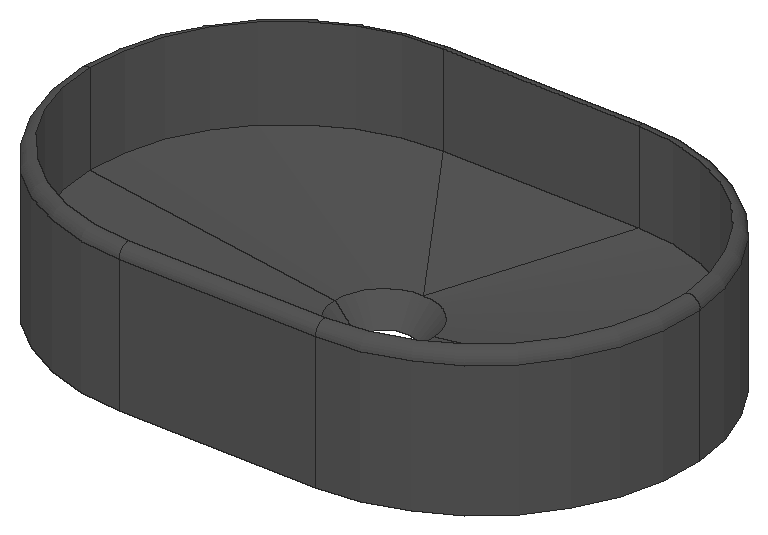
Revit family "ALMA-BPEPMB02-Peyton_Matte_Black_Pill_Basin", category Plumbing Fixtures, host Face, Revit 2026
Family settings
  Host = Face
  Round Connector Dimension = Use Diameter
  Part Type = Normal
  Enable Cutting in Views = Yes
  Cut with Voids When Loaded = No
  Maintain Annotation Orientation = No
  Shared = No
  Room Calculation Point = No
Parameters
  Width = 340 mm
  Length = 500 mm
  Height = 120 mm
  Default Elevation = 1219.2 mm
  Basin_Material = BM_MATTE BLACK
Reference planes
  plane 1 "Center (Front/Back)": y = 0
  plane 2: z = 0
  plane 3 "Center (Left/Right)": x = 0
  plane 4: x = 250
  plane 5: x = -250
  plane 6: y = 170
  plane 7: y = -170
  plane 8: z = 120
Forms (mm)
  Extrusion 1, solid, material "BM_MATTE BLACK" <- "Basin_Material"
    sketch origin (0, 0, 0) x (1, 0, 0) y (0, 1, 0)
      loop
        arc (-80, 170) -> (-200.208, 120.208) -> (-250, 0) r 170
        arc (-250, 0) -> (-200.208, -120.208) -> (-80, -170) r 170
        line (-80, -170) -> (80.294, -170)
        arc (80.294, -170) -> (203.988, -116.619) -> (250, 10) r 170
        arc (250, 10) -> (196.913, 123.693) -> (80.294, 170) r 170
        line (80.294, 170) -> (-80, 170)
      loop
        arc (-240, 0) -> (-193.137, -113.137) -> (-80, -160) r 160
        line (-80, -160) -> (80.294, -160)
        arc (80.294, -160) -> (196.711, -109.759) -> (240.017, 9.412) r 160
        arc (240.017, 9.412) -> (190.053, 116.417) -> (80.294, 160) r 160
        line (80.294, 160) -> (-80, 160)
        arc (-80, 160) -> (-193.137, 113.137) -> (-240, 0) r 160
    from 0 to 120
  Extrusion 2, solid, material "BM_MATTE BLACK" <- "Basin_Material"
    sketch origin (0, 0, 0) x (1, 0, 0) y (0, 1, 0)
      loop
        arc (-240, 0) -> (-193.137, -113.137) -> (-80, -160) r 160
        line (-80, -160) -> (80.294, -160)
        arc (80.294, -160) -> (196.711, -109.759) -> (240.017, 9.412) r 160
        arc (240.017, 9.412) -> (190.053, 116.417) -> (80.294, 160) r 160
        line (80.294, 160) -> (-80, 160)
        arc (-80, 160) -> (-193.137, 113.137) -> (-240, 0) r 160
    from 0 to 45
  SweptBlend 3, void
    path origin (0, 0, 0) x (1, 0, 0) y (0, 0, 1)
      loop
        line (0.147, 20) -> (0.147, 45)
    profile origin (0.147, 0, 20) x (-1, 0, 0) y (0, -1, 0)
      loop
        arc (40, 0) -> (28.284, 28.284) -> (0, 40) r 40
        arc (0, 40) -> (-29.104, 27.44) -> (-39.931, -2.353) r 40
        arc (-39.931, -2.353) -> (-27.44, -29.104) -> (0, -40) r 40
        arc (0, -40) -> (28.284, -28.284) -> (40, 0) r 40
    end profile origin (0.147, 0, 45) x (-1, 0, 0) y (0, -1, 0)
      loop
        arc (240.147, 0) -> (193.284, 113.137) -> (80.147, 160) r 160
        line (80.147, 160) -> (-80.147, 160)
        arc (-80.147, 160) -> (-196.564, 109.759) -> (-239.87, -9.412) r 160
        arc (-239.87, -9.412) -> (-189.906, -116.417) -> (-80.147, -160) r 160
        line (-80.147, -160) -> (80.147, -160)
        arc (80.147, -160) -> (193.284, -113.137) -> (240.147, 0) r 160
  SweptBlend 4, void
    path origin (0, 0, 0) x (1, 0, 0) y (0, 0, 1)
      loop
        line (0.147, 0) -> (0.147, 20)
    profile origin (0.147, 0, 0) x (-1, 0, 0) y (0, -1, 0)
      loop
        circle (0, 0) r 22.5
    end profile origin (0.147, 0, 20) x (-1, 0, 0) y (0, -1, 0)
      loop
        circle (0, 0) r 40
  Sweep 5, void
    path in 3D
      loop
        arc (-80, 170, 120) -> (-200.208, 120.208, 120) -> (-250, 0, 120) r 170
        arc (-250, 0, 120) -> (-200.208, -120.208, 120) -> (-80, -170, 120) r 170
        line (-80, -170, 120) -> (80.294, -170, 120)
        arc (80.294, -170, 120) -> (203.988, -116.619, 120) -> (250, 10, 120) r 170
        arc (250, 10, 120) -> (196.913, 123.693, 120) -> (80.294, 170, 120) r 170
        line (80.294, 170, 120) -> (-80, 170, 120)
    profile origin (0.147, 170, 120) x (0, -1, 0) y (0, 0, 1)
      loop
        line (0, 0) -> (0, -10)
        arc (0, -10) -> (2.929, -2.929) -> (10, 0) r 10
        line (10, 0) -> (0, 0)
Cuts and joins
  Sweep 5 cuts Extrusion 1
  SweptBlend 3, SweptBlend 4 cuts Extrusion 2
  joined: Extrusion 1, Extrusion 2
Lines and regions (mm)
  sketch lines
    curve 1: line (80.294, 170, 120) -> (-80, 170, 120)
    curve 2: arc (80.294, 170, 120) -> (196.913, 123.693, 120) -> (250, 10, 120) r 170
    curve 3: arc (250, 10, 120) -> (203.988, -116.619, 120) -> (80.294, -170, 120) r 170
    curve 4: line (-80, -170, 120) -> (80.294, -170, 120)
    curve 5: arc (-80, -170, 120) -> (-200.208, -120.208, 120) -> (-250, 0, 120) r 170
    curve 6: arc (-250, 0, 120) -> (-200.208, 120.208, 120) -> (-80, 170, 120) r 170
Text (mm)
  text "Refer to www.buildmat.com.au for the most current product literature. \nAllow a +/- 5mm tolerance for dimensions shown in the product literature. \nPlease note product details are subject to change due to ongoing product development." at (9, -1305.742, 0), in view "Ref. Level"
Dimensions and locks
  "Length": plane 5 to plane 4
  "Width": plane 6 to plane 7
  equal spacing: plane 6, plane 1 "Center (Front/Back)", plane 7
  equal spacing: plane 5, plane 3 "Center (Left/Right)", plane 4
  "Height": cut or joined group of Extrusion 1, Extrusion 2, SweptBlend 3, SweptBlend 4, Sweep 5 to host face
  aligned and locked: plane 2 to host face
  aligned and locked: level to host face
Automatic sketch dimensions
  host sketch curve to host sketch curve = 2438.4 mm  (x2)
  Extrusion 1 sketch curve to Extrusion 1 sketch curve = 0 mm  (x24)
  plane 1 "Center (Front/Back)" to Extrusion 1 sketch curve = 0 mm
  Extrusion 1 sketch curve to plane 5 = 0 mm
  Extrusion 1 sketch curve to plane 6 = 0 mm
  Extrusion 1 sketch curve to plane 4 = 0 mm
  plane 3 "Center (Left/Right)" to Extrusion 1 sketch curve = 80.294 mm
  Extrusion 1 sketch curve to plane 7 = 10 mm
  Extrusion 1 sketch curve to plane 1 "Center (Front/Back)" = 9.412 mm
  Extrusion 2 sketch curve to Extrusion 2 sketch curve = 0 mm  (x4)
  plane 1 "Center (Front/Back)" to Extrusion 2 sketch curve = 0 mm
  Extrusion 2 sketch curve to plane 6 = 10 mm
  Extrusion 2 sketch curve to plane 3 "Center (Left/Right)" = 80 mm
  plane 3 "Center (Left/Right)" to Extrusion 2 sketch curve = 80.294 mm
  Extrusion 2 sketch curve to plane 1 "Center (Front/Back)" = 9.412 mm
  plane 3 "Center (Left/Right)" to SweptBlend 3 sketch curve = 0.147 mm
  level to SweptBlend 3 sketch curve = 20 mm
  SweptBlend 3 sketch curve to SweptBlend 3 sketch curve = 25 mm
  SweptBlend 3 sketch curve to SweptBlend 3 sketch curve = 0 mm  (x16)
  plane 1 "Center (Front/Back)" to SweptBlend 3 sketch curve = 0 mm  (x2)
  profile plane to SweptBlend 3 sketch curve = 80.147 mm
  SweptBlend 3 sketch curve to profile plane = 80.147 mm
  SweptBlend 3 sketch curve to plane 1 "Center (Front/Back)" = 160 mm
  SweptBlend 3 sketch curve to plane 1 "Center (Front/Back)" = 9.412 mm
  SweptBlend 3 sketch curve to profile plane = 0 mm
  SweptBlend 3 sketch curve to plane 1 "Center (Front/Back)" = 2.353 mm
  profile plane to SweptBlend 3 sketch curve = 39.931 mm
  SweptBlend 4 sketch curve to level = 0 mm
  plane 3 "Center (Left/Right)" to SweptBlend 4 sketch curve = 0.147 mm
  SweptBlend 4 sketch curve to SweptBlend 4 sketch curve = 20 mm
  plane 1 "Center (Front/Back)" to SweptBlend 4 sketch curve = 0 mm  (x2)
  SweptBlend 4 sketch curve to profile plane = 0 mm  (x2)
  Sweep 5 sketch curve to profile plane = 0 mm  (x2)
  Sweep 5 sketch curve to Sweep 5 sketch curve = 10 mm
  radius of SweptBlend 4 sketch curve = 40 mm
  radius of SweptBlend 4 sketch curve = 22.5 mm
